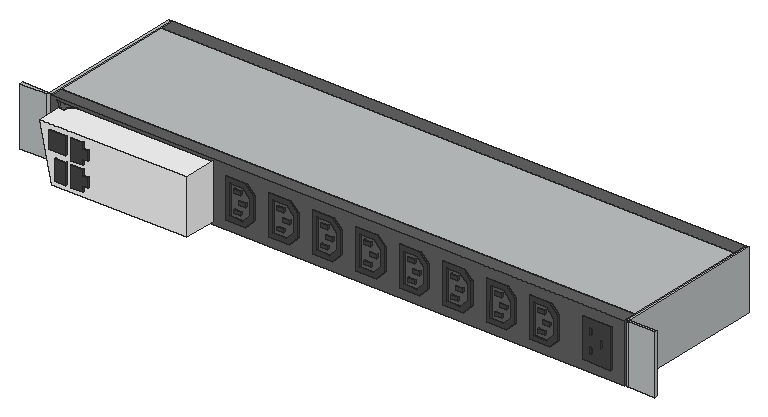
Revit family "PDU metered 1U", category Installations électriques, Revit 2020
Family settings
  Conserver l'orientation des annotations = Non
  Cote de connecteur circulaire = Utiliser le diamètre
  Type d'élément = Normal
  Numéro OmniClass = 23.80.00.00
  Titre OmniClass = Electric Power and Lighting
  Basée sur le plan de construction = Non
  Toujours verticalement = Oui
  Couper avec des vides une fois chargée = Non
  Partagée = Non
  Point de calcul de pièce = Non
Parameters (values of type "PDU MN 19P 1P 16A 12 C13")
  Type de tension = "AC"  # constant formula
  Type d'alimentation = "C20"
  Sens de montage = "Horizontal"
  Section de câble MIN_MAX = ""
  Référence Legrand = "LG-646101"
  RAL = "9017"  # constant formula
  Programmable = "Appli Web"
  Profondeur cuve + capot = 115 mm
  Profondeur (mm) = 115 mm
  Nombre de prises C19 = 0
  Nombre de prises C13 = 8
  Nombre de phases = 1
  Nombre de disjoncteurs = 0
  Marquage = no
  Longueur = 44.5 mm
  Lien e-catalogue = "https://www.legrand.fr/reference/646101/pro"
  Libellé BIM = "Linkeo DATA CENTER BASIC PDU"  # constant formula
  Largeur (mm) = 482.6 mm
  IP = "IP40"
  Fréquence d'alimentation = "50-50"  # constant formula
  Fonction = "Unité DE DISTRIBUTION D'ENERGIE"  # constant formula
  Fabricant = "LEGRAND"  # constant formula
  Elévation par défaut = 1000 mm
  EAN = "3414972245913"
  Description = "PDU metered base 19 inch 1 phase 16A 12 C13 locking outlets IEC-320 C20"
  Courant d'alimentation = "16-16"
  Couleur = "Noir"  # constant formula
  Consommation en veille = 0 mA
  Connectable par box internet = yes
  Classe d'application = "EC002762"  # constant formula
  Base_Node = Base_Node_Horizontal : Node HD
Types (3, lengths in mm): name | Référence Legrand | Lien e-catalogue | EAN | Base_Node
  (no name) | "LG-646101" | "https://www.legrand.fr/reference/646101/pro" | "3414972245913" | Base_Node_Horizontal : Base HD
  PDU MB 19P 1P 16A 12 C13 | "LG-646100" | "https://www.legrand.fr/reference/646100/pro" | "3414972245852" | Base_Node_Horizontal : Base HD
  PDU MN 19P 1P 16A 12 C13 | "LG-646101" | "https://www.legrand.fr/reference/646101/pro" | "3414972245913" | Base_Node_Horizontal : Node HD
Reference planes
  plane 1 "Centre (avant/arrière)": y = 0
  plane 2: z = 0
  plane 3 "Centre (gauche/droite)": x = 0
  plane 4: x = -241.3
  plane 5: x = 241.3
  plane 6: y = -115
  plane 7: z = 44.5
  plane 8: y = -105
  plane 9: x = -218.3
  plane 10: x = 218.3
  plane 11: y = -10
Forms (mm)
  Extrusion 1, solid, material "LEGRAND - Inox"
    sketch origin (0, 0, 0) x (1, 0, 0) y (0, 1, 0)
      loop
        line (-218.3, -10) -> (-218.3, -105) -> (218.3, -105) -> (218.3, -10) -> (-218.3, -10)
    from 0 to 44.5
  Extrusion 2, solid, material "LEGRAND - Noir 9017"
    sketch origin (0, 0, 0) x (1, 0, 0) y (0, 1, 0)
      loop
        line (-218.3, -105) -> (-218.3, -115) -> (218.3, -115) -> (218.3, -105) -> (-218.3, -105)
    from 0 to 44.5
  Extrusion 3, solid, material "LEGRAND - Noir 9017"
    sketch origin (0, 105, 0) x (1, 0, 0) y (0, 1, 0)
      loop
        line (-218.3, -105) -> (-218.3, -115) -> (218.3, -115) -> (218.3, -105) -> (-218.3, -105)
    from 0 to 44.5
  Extrusion 4, solid, material "LEGRAND - Inox"
    sketch origin (0, 0, 0) x (1, 0, 0) y (0, 1, 0)
      loop
        arc (-220.3, -112) -> (-220.593, -112.707) -> (-221.3, -113) r 1
        line (-221.3, -113) -> (-241.3, -113) -> (-241.3, -115) -> (-221.3, -115)
        arc (-221.3, -115) -> (-219.179, -114.121) -> (-218.3, -112) r 3
        line (-218.3, -112) -> (-218.3, 0) -> (-220.3, 0) -> (-220.3, -112)
    from 0 to 44.5
  Extrusion 5, solid, material "LEGRAND - Inox"
    sketch origin (0, 0, 0) x (-1, 0, 0) y (0, -1, 0)
      loop
        line (-220.3, 112) -> (-220.3, 0) -> (-218.3, 0) -> (-218.3, 112)
        arc (-218.3, 112) -> (-219.179, 114.121) -> (-221.3, 115) r 3
        line (-221.3, 115) -> (-241.3, 115) -> (-241.3, 113) -> (-221.3, 113)
        arc (-221.3, 113) -> (-220.593, 112.707) -> (-220.3, 112) r 1
    from 0 to 44.5
  Extrusion 6, solid, material "LEGRAND - Noir", detail levels fine
    sketch origin (218.3, -115, 0) x (-1, 0, 0) y (0, 0, -1)
      loop
        line (9.874, -36.919) -> (31.374, -36.919) -> (31.374, -7.419) -> (9.874, -7.419) -> (9.874, -36.919)
      loop
        line (23.624, -31.169) -> (25.624, -31.169) -> (25.624, -26.169) -> (23.624, -26.169) -> (23.624, -31.169)
      loop
        line (15.624, -25.169) -> (17.624, -25.169) -> (17.624, -19.169) -> (15.624, -19.169) -> (15.624, -25.169)
      loop
        line (25.624, -18.169) -> (25.624, -13.169) -> (23.624, -13.169) -> (23.624, -18.169) -> (25.624, -18.169)
    from 0 to 1
Lines and regions (mm)
  model lines, detail levels fine
    curve 1: line (-228.8, -115, 41.55) -> (-235.8, -115, 41.55)
    curve 2: arc (-235.8, -115, 41.55) -> (-239.3, -115, 38.05) -> (-235.8, -115, 34.55) r 3.5
    curve 3: line (-235.8, -115, 34.55) -> (-228.8, -115, 34.55)
    curve 4: arc (-228.8, -115, 34.55) -> (-225.3, -115, 38.05) -> (-228.8, -115, 41.55) r 3.5
    curve 5: line (-228.8, -115, 25.65) -> (-235.8, -115, 25.65)
    curve 6: arc (-235.8, -115, 25.65) -> (-239.3, -115, 22.15) -> (-235.8, -115, 18.65) r 3.5
    curve 7: line (-235.8, -115, 18.65) -> (-228.8, -115, 18.65)
    curve 8: arc (-228.8, -115, 18.65) -> (-225.3, -115, 22.15) -> (-228.8, -115, 25.65) r 3.5
    curve 9: line (-235.8, -115, 9.75) -> (-228.8, -115, 9.75)
    curve 10: arc (-228.8, -115, 9.75) -> (-225.3, -115, 6.25) -> (-228.8, -115, 2.75) r 3.5
    curve 11: line (-228.8, -115, 2.75) -> (-235.8, -115, 2.75)
    curve 12: arc (-235.8, -115, 2.75) -> (-239.3, -115, 6.25) -> (-235.8, -115, 9.75) r 3.5
    curve 13: line (229.105, -115, 41.141) -> (236.105, -115, 41.141)
    curve 14: arc (236.105, -115, 41.141) -> (239.605, -115, 37.641) -> (236.105, -115, 34.141) r 3.5
    curve 15: line (236.105, -115, 34.141) -> (229.105, -115, 34.141)
    curve 16: arc (229.105, -115, 34.141) -> (225.605, -115, 37.641) -> (229.105, -115, 41.141) r 3.5
    curve 17: line (236.105, -115, 25.241) -> (229.105, -115, 25.241)
    curve 18: arc (229.105, -115, 25.241) -> (225.605, -115, 21.741) -> (229.105, -115, 18.241) r 3.5
    curve 19: line (229.105, -115, 18.241) -> (236.105, -115, 18.241)
    curve 20: arc (236.105, -115, 18.241) -> (239.605, -115, 21.741) -> (236.105, -115, 25.241) r 3.5
    curve 21: line (236.105, -115, 9.341) -> (229.105, -115, 9.341)
    curve 22: arc (229.105, -115, 9.341) -> (225.605, -115, 5.841) -> (229.105, -115, 2.341) r 3.5
    curve 23: line (229.105, -115, 2.341) -> (236.105, -115, 2.341)
    curve 24: arc (236.105, -115, 2.341) -> (239.605, -115, 5.841) -> (236.105, -115, 9.341) r 3.5
    curve 25: line (183.008, -115, 40.864) -> (212.444, -115, 40.864)
    curve 26: line (183.008, -115, 3.428) -> (183.008, -115, 40.864)
    curve 27: line (212.444, -115, 40.864) -> (212.444, -115, 3.428)
    curve 28: line (183.008, -115, 3.428) -> (212.444, -115, 3.428)
Dimensions and locks
  equal spacing: plane 5, plane 3 "Centre (gauche/droite)", plane 4
  "Largeur (mm)": plane 5 to plane 4
  "Profondeur cuve + capot": plane 6 to plane 1 "Centre (avant/arrière)"
  locked: plane 8 to plane 6 at 10
  "Longueur": plane 7 to plane 2
  locked: plane 9 to plane 4 at 23
  locked: plane 5 to plane 10 at 23
  locked: plane 11 to plane 1 "Centre (avant/arrière)" at 10
  aligned and locked: level to plane 2
  aligned and locked: plane 8 to Extrusion 1 sketch curve
  aligned and locked: Extrusion 2 sketch curve to plane 8
  aligned and locked: plane 6 to Extrusion 2 sketch curve
  aligned and locked: plane 11 to Extrusion 1
  aligned and locked: Extrusion 4 to plane 2
  aligned and locked: plane 7 to Extrusion 4
  aligned and locked: nested 1 to plane 6
  aligned and locked: nested 2 to plane 6
Automatic sketch dimensions
  Extrusion 1 sketch curve to plane 9 = 0 mm
  Extrusion 1 sketch curve to plane 10 = 0 mm
  Extrusion 1 sketch curve to plane 11 = 0 mm
  Extrusion 2 sketch curve to plane 9 = 0 mm
  Extrusion 2 sketch curve to plane 10 = 0 mm
  Extrusion 3 sketch curve to plane 9 = 0 mm
  Extrusion 3 sketch curve to plane 10 = 0 mm
  Extrusion 3 sketch curve to plane 11 = 0 mm
  plane 1 "Centre (avant/arrière)" to Extrusion 3 sketch curve = 0 mm
  Extrusion 4 sketch curve to Extrusion 4 sketch curve = 0 mm  (x2)
  Extrusion 4 sketch curve to plane 4 = 0 mm
  Extrusion 4 sketch curve to plane 6 = 0 mm
  Extrusion 4 sketch curve to plane 9 = 0 mm
  plane 6 to Extrusion 4 sketch curve = 2 mm
  Extrusion 4 sketch curve to Extrusion 4 sketch curve = 1 mm
  plane 1 "Centre (avant/arrière)" to Extrusion 4 sketch curve = 0 mm
  Extrusion 5 sketch curve to Extrusion 5 sketch curve = 0 mm  (x2)
  Extrusion 5 sketch curve to plane 5 = 0 mm
  Extrusion 5 sketch curve to plane 6 = 0 mm
  Extrusion 5 sketch curve to plane 10 = 0 mm
  Extrusion 5 sketch curve to plane 6 = 2 mm
  Extrusion 5 sketch curve to Extrusion 5 sketch curve = 1 mm
  Extrusion 5 sketch curve to plane 1 "Centre (avant/arrière)" = 0 mm
  Extrusion 4 to curve 1 = 2.95 mm
  curve 1 to Extrusion 4 = 7.5 mm
  Extrusion 4 to curve 2 = 5.5 mm
  curve 1 to curve 2 = 3.5 mm
  curve 8 to Extrusion 4 = 7.5 mm
  curve 8 to curve 7 = 0 mm
  curve 5 to curve 8 = 0 mm
  Extrusion 4 to curve 5 = 5.5 mm
  curve 5 to curve 6 = 0 mm
  curve 6 to curve 7 = 0 mm
  curve 3 to curve 5 = 8.9 mm
  curve 5 to curve 8 = 3.5 mm
  curve 10 to Extrusion 4 = 7.5 mm
  Extrusion 4 to curve 11 = 5.5 mm
  curve 7 to curve 9 = 8.9 mm
  curve 9 to curve 10 = 3.5 mm
  Extrusion 4 to curve 15 = 10.359 mm
  Extrusion 4 to curve 15 = 450.405 mm
  Extrusion 4 to curve 13 = 3.359 mm
  curve 13 to curve 15 = 0 mm
  curve 13 to curve 16 = 0 mm
  curve 15 to curve 15 = 7 mm
  curve 13 to curve 13 = 7 mm
  curve 13 to curve 14 = 0 mm
  curve 14 to curve 19 = 0 mm
  curve 20 to curve 19 = 7 mm
  curve 14 to curve 17 = 8.9 mm
  curve 17 to curve 18 = 3.5 mm
  Extrusion 4 to curve 23 = 2.341 mm
  curve 20 to curve 23 = 0 mm
  curve 24 to curve 23 = 0 mm
  curve 21 to curve 24 = 0 mm
  curve 24 to curve 21 = 7 mm
  curve 21 to curve 22 = 0 mm
  curve 22 to curve 23 = 0 mm
  curve 21 to curve 23 = 7 mm
  Extrusion 2 to curve 25 = 3.636 mm
  curve 25 to Extrusion 2 = 35.292 mm
  curve 25 to Extrusion 2 = 5.856 mm
  Extrusion 2 to curve 26 = 3.428 mm
  Extrusion 6 sketch curve to Extrusion 2 = 9.874 mm
  Extrusion 2 to Extrusion 6 sketch curve = 7.419 mm
  Extrusion 2 to Extrusion 6 sketch curve = 7.581 mm
  Extrusion 6 sketch curve to Extrusion 6 sketch curve = 21.5 mm
  Extrusion 6 sketch curve to Extrusion 6 sketch curve = 7.75 mm
  Extrusion 6 sketch curve to Extrusion 6 sketch curve = 2 mm  (x3)
  Extrusion 6 sketch curve to Extrusion 6 sketch curve = 5.75 mm
  Extrusion 6 sketch curve to Extrusion 6 sketch curve = 5 mm  (x2)
  Extrusion 6 sketch curve to Extrusion 6 sketch curve = 8 mm
  Extrusion 6 sketch curve to Extrusion 6 sketch curve = 1 mm  (x2)
  Extrusion 6 sketch curve to Extrusion 6 sketch curve = 6 mm  (x2)
Nested families
  nested 1: "Metered PDU_Prises_Horizontales" at (-241.3, -115, 22.15), type "646100_646101", detail levels fine
  nested 2: "Base_Node_Horizontal" at (-217.1, -115, 1.769), type <- "Base_Node", type "Node HD"
Connectors
  electrical at (0, -57.5, 0)
    settings: on Extrusion 1, index 1, voltage 0 V, apparent load 0 VA, apparent load phase1 0 VA, apparent load phase2 0 VA, apparent load phase3 0 VA, power factor 1, load classification "Autre", number of poles 1, system type 31, power factor state 1, is connector primary yes, connector utility no, sub classification motor no, connector description ""
Definition of nested family "Metered PDU_Prises_Horizontales"
  Parameters (values of type "646100_646101")
    Default Elevation = 0 mm
  Reference planes
    plane 1 "Centre (avant/arrière)": y = 0
    plane 2: z = 0
    plane 3 "Centre (gauche/droite)": x = 0
    plane 4: z = 22.15
    plane 5: z = 22.15
    plane 6: z = -22.15
  Lines and regions (mm)
    model lines
      curve 1: line (253.563, 0, 22.15) -> (253.563, 0, -22.15)
      curve 2: line (154.468, 0, 22.15) -> (154.468, 0, -22.15)
      curve 3: line (352.657, 0, 22.15) -> (352.657, 0, -22.15)
      curve 4: line (418.751, 0, 22.15) -> (418.751, 0, -22.15)
  Dimensions and locks
    plane 4 to plane 6 = 44.3 mm
    equal spacing: plane 5, plane 2, plane 6
    aligned and locked: level to plane 2
  Automatic sketch dimensions
    curve 2 to plane 6 = 0 mm
    curve 2 to plane 4 = 0 mm
    curve 1 to plane 6 = 0 mm
    curve 1 to plane 4 = 0 mm
    curve 3 to plane 6 = 0 mm
    curve 3 to plane 4 = 0 mm
    curve 4 to plane 6 = 0 mm
    curve 4 to plane 4 = 0 mm
    plane 3 "Centre (gauche/droite)" to curve 2 = 154.468 mm
    curve 2 to curve 1 = 99.094 mm
    curve 1 to curve 3 = 99.094 mm
    curve 3 to curve 4 = 66.094 mm
  Nested families
    nested 1: "Prise ronde simple horizontale" at (167.849, 0, 0.001), type "Prise ronde simple horizontale"
    nested 2: "Prise ronde simple horizontale" at (200.849, 0, 0.001), type "Prise ronde simple horizontale"
    nested 3: "Prise ronde simple horizontale" at (233.85, 0, 0.001), type "Prise ronde simple horizontale"
    nested 4: "Prise ronde simple horizontale" at (266.943, 0, 0.001), type "Prise ronde simple horizontale"
    nested 5: "Prise ronde simple horizontale" at (299.944, 0, 0.001), type "Prise ronde simple horizontale"
    nested 6: "Prise ronde simple horizontale" at (332.944, 0, 0.001), type "Prise ronde simple horizontale"
    nested 7: "Prise ronde simple horizontale" at (366.038, 0, 0.001), type "Prise ronde simple horizontale"
    nested 8: "Prise ronde simple horizontale" at (399.038, 0, 0.001), type "Prise ronde simple horizontale"
  Definition of nested family "Prise ronde simple horizontale"
    Parameters (values of type "Prise ronde simple horizontale")
      Default Elevation = 0 mm
    Reference planes
      plane 1 "Centre (avant/arrière)": y = 0
      plane 2: z = 0
      plane 3 "Centre (gauche/droite)": x = 0
    Forms (mm)
      Extrusion 1, solid
        sketch origin (0, 0, -932.082) x (1, 0, 0) y (0, 0, 1)
          loop
            line (4.763, 946.882) -> (-10.803, 946.882) -> (-10.804, 917.279) -> (4.759, 917.278) -> (10.803, 923.322) -> (10.803, 940.841) -> (4.763, 946.882)
          loop
            line (-7.831, 943.513) -> (-7.832, 920.651) -> (2.306, 920.65) -> (7.831, 926.472) -> (7.831, 937.691) -> (2.307, 943.513) -> (-7.831, 943.513)
          loop
            line (-4.621, 937.76) -> (0.622, 937.76) -> (0.622, 940.403) -> (-4.621, 940.403) -> (-4.621, 937.76)
          loop
            line (4.622, 933.403) -> (-0.621, 933.403) -> (-0.622, 930.76) -> (4.621, 930.76) -> (4.622, 933.403)
          loop
            line (0.621, 926.403) -> (-4.622, 926.403) -> (-4.622, 923.76) -> (0.621, 923.76) -> (0.621, 926.403)
        from 0 to 1
    Dimensions and locks
      aligned and locked: level to plane 2
Definition of nested family "Base_Node_Horizontal"
  Parameters (values of type "Base HD")
    Node = no
    Default Elevation = 0 mm
    Base = yes
  Types (2, lengths in mm): name | Node | Base
    Base HD | no | yes
    Node HD | yes | no
  Reference planes
    plane 1 "Centre (avant/arrière)": y = 0
    plane 2: z = 0
    plane 3 "Centre (gauche/droite)": x = 0
  Forms (mm)
    Extrusion 1, solid, visible <- "Node"
      sketch origin (-4.124, 0, 20.487) x (0, 0, -1) y (1, 0, 0)
        loop
          line (-20.475, 125.964) -> (-20.475, 14.024) -> (20.488, 23.668) -> (20.488, 125.964) -> (-20.475, 125.964)
      from 0 to 24.5
    Extrusion 2, solid, visible <- "Node", detail levels fine
      sketch origin (-886.471, 0, 22.349) x (0, 0, -1) y (1, 0, 0)
        loop
          line (-14.958, 929.905) -> (-14.958, 921.277) -> (0.405, 921.277) -> (0.405, 929.905) -> (-3.595, 929.905) -> (-3.595, 933.74) -> (-10.958, 933.74) -> (-10.958, 929.905) -> (-14.958, 929.905)
        loop
          line (18.682, 929.905) -> (14.682, 929.905) -> (14.682, 933.74) -> (7.319, 933.74) -> (7.319, 929.905) -> (3.319, 929.905) -> (3.319, 921.277) -> (18.682, 921.277) -> (18.682, 929.905)
        loop
          line (-14.958, 917.057) -> (-14.958, 904.057) -> (-1.497, 904.057) -> (-1.497, 917.057) -> (-14.958, 917.057)
        loop
          line (3.319, 917.057) -> (3.319, 909.005) -> (18.682, 909.005) -> (18.682, 917.057) -> (3.319, 917.057)
      from 24.5 to 25.5
    Extrusion 3, solid, visible <- "Base", detail levels fine
      sketch origin (-877.721, 24.5, 22.356) x (0, 0, -1) y (1, 0, 0)
        loop
          line (-14.958, 929.905) -> (-14.958, 921.277) -> (0.405, 921.277) -> (0.405, 929.905) -> (-3.595, 929.905) -> (-3.595, 933.74) -> (-10.958, 933.74) -> (-10.958, 929.905) -> (-14.958, 929.905)
        loop
          line (18.682, 929.905) -> (14.682, 929.905) -> (14.682, 933.74) -> (7.319, 933.74) -> (7.319, 929.905) -> (3.319, 929.905) -> (3.319, 921.277) -> (18.682, 921.277) -> (18.682, 929.905)
        loop
          line (-4.848, 974.005) -> (-4.848, 957.988) -> (8.585, 957.988) -> (8.585, 974.005) -> (-4.848, 974.005)
      from 24.5 to 25.5
    Sweep 4, solid, detail levels fine
      path origin (0.302, -24.5, 20.487) x (0, 0, -1) y (1, 0, 0)
        loop
          line (-50.389, 4.547) -> (47.662, 27.63)
      profile origin (16.39, -24.5, 21.851) x (0.97339, 0, 0.229156) y (0, -1, 0)
        loop
          line (1.947, -18.498) -> (-1.938, -18.498)
          spline (-1.938, -18.498) -> (-1.987, -19.281) -> (-2.139, -20.051) -> (-2.39, -20.794) -> (-2.736, -21.499) -> (-3.17, -22.151) -> (-3.687, -22.742) -> (-4.277, -23.259) -> (-4.929, -23.696) -> (-5.633, -24.043) -> (-6.376, -24.295) -> (-7.146, -24.448) -> (-7.93, -24.5)
          line (-7.93, -24.5) -> (7.959, -24.5)
          spline (7.959, -24.5) -> (7.175, -24.449) -> (6.405, -24.295) -> (5.661, -24.043) -> (4.957, -23.696) -> (4.303, -23.259) -> (3.712, -22.742) -> (3.194, -22.151) -> (2.756, -21.499) -> (2.408, -20.794) -> (2.154, -20.051) -> (2, -19.281) -> (1.947, -18.498)
    Extrusion 5, void
      sketch origin (-4.124, -24.5, 20.487) x (0, 0, 1) y (1, 0, 0)
        loop
          line (55.039, 30.337) -> (20.575, 30.337) -> (20.575, -10.064) -> (55.039, -10.064) -> (55.039, 30.337)
        loop
          line (-20.587, 45.323) -> (-52.15, 45.323) -> (-52.15, 8.339) -> (-20.587, 8.339) -> (-20.587, 45.323)
      from 0 to 250
  Cuts and joins
    Extrusion 5 cuts Sweep 4
  Lines and regions (mm)
    Split face 1
      outline origin (-4.124, -24.5, 20.487) x (0, 0, -1) y (1, 0, 0)
        loop
          line (-20.475, 68.828) -> (20.488, 68.828)
    Split face 2
      outline origin (-4.124, -24.5, 20.487) x (0, 0, -1) y (1, 0, 0)
        loop
          line (-14.524, 119.945) -> (-14.524, 83.845) -> (14.476, 83.845) -> (14.476, 119.945) -> (-14.524, 119.945)
    model lines, detail levels fine
      curve 1: line (123.075, 0, 40.962) -> (123.075, 0, 0)
      curve 2: line (0, 0, 40.962) -> (123.075, 0, 40.962)
      curve 3: line (123.075, 0, 0) -> (0, 0, 0)
      curve 4: line (0, 0, 0) -> (0, 0, 40.962)
  Dimensions and locks
    aligned and locked: level to plane 2
